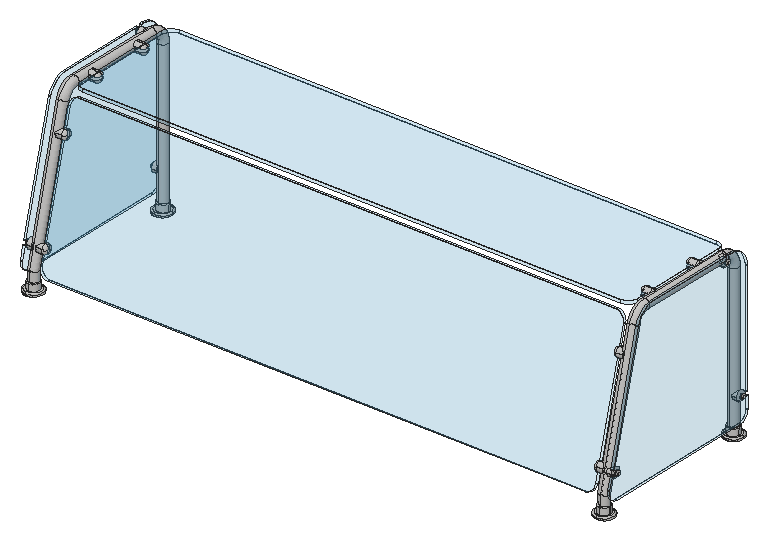
Revit family "QF_ENGLISH_M-112A", category Casework, Revit 2018
Family settings
  Work Plane-Based = No
  Always vertical = Yes
  Cut with Voids When Loaded = No
  Shared = No
  Room Calculation Point = No
Parameters
  Weight in Pounds = 0
  URL Cutsheet = ""
  Type Mark [instance] = ""
  Status [instance] = ""
  Specification by User [instance] = ""
  Specification by Manufacturer = ""
  Show Right Glass [instance] = yes
  Show Right Half Support [instance] = no
  Show Left Half Support [instance] = no
  Show Left Glass [instance] = yes
  Serial Number = ""
  Seismic Rating = ""
  SMACNA No = ""
  Right Glass Symbolic [instance] = if(Show Right Glass, not(Show Right Half Support), Show Right Glass)  # yes
  Revision Code [instance] = ""
  R Symbolic [instance] = and(not(Show Right Glass), not(Show Right Half Support))  # no
  LS Symbolic [instance] = not(Show Left Half Support)  # yes
  Omniclass Number and Title = ""
  NAFEM Spec ID Number = ""
  Model = "M-112A"
  Right Glass [instance] = if(Show Right Glass, not(Show Right Half Support), Show Right Glass)  # yes
  Masterspec = ""
  Manufacturer = "ENGLISH MFG. INC."
  RS Symbolic [instance] = not(Show Right Half Support)  # yes
  Length [instance] = 60"
  Left Glass [instance] = if(Show Left Glass, not(Show Left Half Support), Show Left Glass)  # yes
  L Symbolic [instance] = and(not(Show Left Glass), not(Show Left Half Support))  # no
  Item Number [instance] = ""
  Installed By [instance] = ""
  Identify Quantity as Lot [instance] = yes
  Glass Thickness [instance] = 3/8"  # constant formula
  Glass Material [instance] = Glass
  Furnished By [instance] = ""
  Foodservice Equipment Identifier [instance] = yes
  Description = "MATRIX SERIES"
  Depth [instance] = 17"
  CSI MasterFormat = ""
  CSI Master Format = ""
  Assembly Code = ""
  Angle [instance] = 15.00°
  A [instance] = if(Angle > 90.00°, 15.00°, Angle)  # 15.00°
Reference planes (in)
  plane 1 "BACK": y = 0
  plane 2: z = 0
  plane 3 "LEFT": x = 0
  plane 4 "RIGHT": x = 60
  plane 5 "FRONT": y = -17
  plane 6 "TOP": z = 18
  plane 7 "Center Y": x = 30
  plane 8 "Center X": y = -8.5
  plane 9: y = -11.59375
Forms (in)
  Extrusion 1, solid, material "Glass" <- "Glass Material"
    sketch origin (1.69296, -15.13384, 8.24015) x (0, 0.258819, 0.965926) y (-1, 0, 0)
      loop
        arc (9.02208, -0.07332) -> (8.72922, 0.63371) -> (8.02218, 0.92658) r 0.9999
        line (8.02218, 0.92658) -> (-5.97792, 0.92658)
        arc (-5.97792, 0.92658) -> (-6.68503, 0.63368) -> (-6.97792, -0.07342) r 1
        line (-6.97792, -0.07342) -> (-6.97792, -56.46294)
        arc (-6.97792, -56.46294) -> (-6.68503, -57.17004) -> (-5.97792, -57.46294) r 1
        line (-5.97792, -57.46294) -> (8.02218, -57.46294)
        arc (8.02218, -57.46294) -> (8.72922, -57.17007) -> (9.02208, -56.46304) r 0.9999
        line (9.02208, -56.46304) -> (9.02208, -0.07332)
    from 0 to 0.375 <- "Glass Thickness"
  Extrusion 2, solid, material "Glass" <- "Glass Material"
    sketch origin (0.6276, -16.875, 17.32812) x (1, 0, 0) y (0, 1, 0)
      loop
        line (0.09794, 15.875) -> (0.09794, 5.25)
        arc (0.09794, 5.25) -> (0.39084, 4.5429) -> (1.09794, 4.25) r 1
        line (1.09794, 4.25) -> (57.64685, 4.25)
        arc (57.64685, 4.25) -> (58.35395, 4.5429) -> (58.64685, 5.25) r 1
        line (58.64685, 5.25) -> (58.64685, 15.875)
        arc (58.64685, 15.875) -> (58.35395, 16.58211) -> (57.64685, 16.875) r 1
        line (57.64685, 16.875) -> (1.09794, 16.875)
        arc (1.09794, 16.875) -> (0.39084, 16.58211) -> (0.09794, 15.875) r 1
    from 0 to 0.375 <- "Glass Thickness"
Lines and regions (in)
  symbolic lines, visible <- "Left Glass"
    curve 1: line (-0.50001, -16.5, 0) -> (-0.75, -16.5, 0)
  symbolic lines, style "Casework"
    curve 2: line (59.49992, -1.5, 0) -> (59.49992, -17.00059, 0)
  symbolic lines, style "CaseworkHiddenLines"
    curve 3: line (58.15599, -12.79876, 0) -> (1.76628, -12.79876, 0)
    curve 4: spline (59.15589, -13.05755, 0) -> (59.14734, -13.02377, 0) -> (59.12182, -12.99057, 0) -> (59.07978, -12.95851, 0) -> (59.02193, -12.92815, 0) -> (58.94927, -12.90001, 0) -> (58.86303, -12.87455, 0) -> (58.76469, -12.85223, 0) -> (58.65594, -12.83343, 0) -> (58.53864, -12.81846, 0) -> (58.41479, -12.80757, 0) -> (58.28651, -12.80097, 0) -> (58.15599, -12.79876, 0)
    curve 5: line (59.15589, -17.04326, 0) -> (59.15589, -13.05755, 0)
    curve 6: spline (58.14585, -17.30208, 0) -> (58.27729, -17.30018, 0) -> (58.40663, -17.29383, 0) -> (58.53161, -17.28313, 0) -> (58.65009, -17.26828, 0) -> (58.76, -17.24952, 0) -> (58.85944, -17.2272, 0) -> (58.9467, -17.20168, 0) -> (59.02024, -17.17343, 0) -> (59.07881, -17.14291, 0) -> (59.12139, -17.11067, 0) -> (59.14723, -17.07726, 0) -> (59.15589, -17.04326, 0)
    curve 7: line (1.77642, -17.30208, 0) -> (58.14585, -17.30208, 0)
    curve 8: spline (0.76638, -17.04326, 0) -> (0.77505, -17.07726, 0) -> (0.80089, -17.11067, 0) -> (0.84346, -17.14291, 0) -> (0.90203, -17.17343, 0) -> (0.97558, -17.20168, 0) -> (1.06283, -17.2272, 0) -> (1.16227, -17.24952, 0) -> (1.27218, -17.26828, 0) -> (1.39066, -17.28313, 0) -> (1.51565, -17.29383, 0) -> (1.64498, -17.30018, 0) -> (1.77642, -17.30208, 0)
    curve 9: line (0.76638, -13.05755, 0) -> (0.76638, -17.04326, 0)
    curve 10: spline (1.76628, -12.79876, 0) -> (1.63577, -12.80097, 0) -> (1.50749, -12.80757, 0) -> (1.38364, -12.81846, 0) -> (1.26633, -12.83343, 0) -> (1.15758, -12.85223, 0) -> (1.05924, -12.87455, 0) -> (0.97301, -12.90001, 0) -> (0.90034, -12.92815, 0) -> (0.84249, -12.95851, 0) -> (0.80045, -12.99057, 0) -> (0.77494, -13.02377, 0) -> (0.76638, -13.05755, 0)
    curve 31: line (58.27445, 0, 0) -> (1.72555, 0, 0)
    curve 32: arc (59.27445, -1, 0) -> (58.98156, -0.29289, 0) -> (58.27445, 0, 0) r 1
    curve 33: line (59.27445, -11.625, 0) -> (59.27445, -10.45688, 0)
    curve 34: arc (58.27445, -12.625, 0) -> (58.98156, -12.33211, 0) -> (59.27445, -11.625, 0) r 1
    curve 35: line (1.72555, -12.625, 0) -> (58.27445, -12.625, 0)
    curve 36: arc (0.72555, -11.625, 0) -> (1.01844, -12.33211, 0) -> (1.72555, -12.625, 0) r 1
    curve 37: line (0.72555, -1, 0) -> (0.72555, -3.54312, 0)
    curve 38: arc (1.72555, 0, 0) -> (1.01844, -0.29289, 0) -> (0.72555, -1, 0) r 1
    curve 39: line (0.72555, -4.45688, 0) -> (0.72555, -9.54312, 0)
    curve 40: line (0.72555, -10.375, 0) -> (0.72555, -11.625, 0)
    curve 41: line (59.27445, -3.54312, 0) -> (59.27445, -1, 0)
    curve 42: line (59.27445, -9.5, 0) -> (59.27445, -4.45688, 0)
  symbolic lines
    curve 11: line (0.50008, -13.93706, 0) -> (0.85429, -13.93706, 0)
    curve 12: spline (0.85459, -13.93618, 0) -> (0.89156, -13.93758, 0) -> (0.92768, -13.94004, 0) -> (0.9625, -13.94355, 0) -> (0.99557, -13.94805, 0) -> (1.02647, -13.95349, 0) -> (1.05479, -13.95979, 0) -> (1.08019, -13.96688, 0) -> (1.10233, -13.97467, 0) -> (1.12093, -13.98306, 0) -> (1.13575, -13.99194, 0) -> (1.14661, -14.00119, 0) -> (1.15336, -14.0107, 0)
    curve 13: line (0.50008, -14.37745, 0) -> (0.85429, -14.37745, 0)
    curve 14: line (1.15336, -14.09341, 0) -> (1.15336, -14.0107, 0)
    curve 15: arc (0.85429, -14.37745, 0) -> (1.06052, -14.29512, 0) -> (1.15336, -14.09341, 0) r 0.29947
    curve 16: line (0.50008, -16.52525, 0) -> (0.85429, -16.52525, 0)
    curve 17: spline (0.85459, -16.52438, 0) -> (0.89156, -16.52577, 0) -> (0.92768, -16.52823, 0) -> (0.9625, -16.53174, 0) -> (0.99557, -16.53624, 0) -> (1.02647, -16.54168, 0) -> (1.05479, -16.54798, 0) -> (1.08019, -16.55507, 0) -> (1.10233, -16.56286, 0) -> (1.12093, -16.57125, 0) -> (1.13575, -16.58013, 0) -> (1.14661, -16.58938, 0) -> (1.15336, -16.59889, 0)
    curve 18: line (0.50008, -16.96564, 0) -> (0.85429, -16.96564, 0)
    curve 19: line (1.15336, -16.6816, 0) -> (1.15336, -16.59889, 0)
    curve 20: arc (0.85429, -16.96564, 0) -> (1.06052, -16.88331, 0) -> (1.15336, -16.6816, 0) r 0.29947
    curve 21: line (59.49992, -13.93706, 0) -> (59.14571, -13.93706, 0)
    curve 22: spline (59.14541, -13.93618, 0) -> (59.10844, -13.93758, 0) -> (59.07232, -13.94004, 0) -> (59.0375, -13.94355, 0) -> (59.00443, -13.94805, 0) -> (58.97353, -13.95349, 0) -> (58.94521, -13.95979, 0) -> (58.91981, -13.96688, 0) -> (58.89767, -13.97467, 0) -> (58.87907, -13.98306, 0) -> (58.86425, -13.99194, 0) -> (58.85339, -14.00119, 0) -> (58.84664, -14.0107, 0)
    curve 23: line (59.49992, -14.37745, 0) -> (59.14571, -14.37745, 0)
    curve 24: line (58.84664, -14.09341, 0) -> (58.84664, -14.0107, 0)
    curve 25: arc (59.14571, -14.37745, 0) -> (58.93948, -14.29512, 0) -> (58.84664, -14.09341, 0) r 0.29947
    curve 26: line (59.49992, -16.52525, 0) -> (59.14571, -16.52525, 0)
    curve 27: spline (59.14541, -16.52438, 0) -> (59.10844, -16.52577, 0) -> (59.07232, -16.52823, 0) -> (59.0375, -16.53174, 0) -> (59.00443, -16.53624, 0) -> (58.97353, -16.54168, 0) -> (58.94521, -16.54798, 0) -> (58.91981, -16.55507, 0) -> (58.89767, -16.56286, 0) -> (58.87907, -16.57125, 0) -> (58.86425, -16.58013, 0) -> (58.85339, -16.58938, 0) -> (58.84664, -16.59889, 0)
    curve 28: line (59.49992, -16.96564, 0) -> (59.14571, -16.96564, 0)
    curve 29: line (58.84664, -16.6816, 0) -> (58.84664, -16.59889, 0)
    curve 30: arc (59.14571, -16.96564, 0) -> (58.93948, -16.88331, 0) -> (58.84664, -16.6816, 0) r 0.29947
Dimensions and locks (in)
  equal spacing: plane 3 "LEFT", plane 7 "Center Y", plane 4 "RIGHT"
  "Length": plane 3 "LEFT" to plane 4 "RIGHT"
  equal spacing: plane 5 "FRONT", plane 8 "Center X", plane 1 "BACK"
  plane 5 "FRONT" to plane 1 "BACK" = 17"
  plane 6 "TOP" to level = 18"  (x2)
  plane 3 "LEFT" to Extrusion 1 sketch curve to Extrusion 1 sketch curve = 0.76638" locked, 0.9999" locked
  plane 4 "RIGHT" to Extrusion 1 sketch curve to Extrusion 1 sketch curve = 0.84411" locked, 0.9999" locked
  plane 7 "Center Y" to plane 3 "LEFT" = 30"
  locked: Extrusion 2 sketch curve to plane 3 "LEFT" at 1.72555
  locked: Extrusion 2 sketch curve to plane 4 "RIGHT" at 1.72555
  locked: plane 5 "FRONT" to plane 9 at 5.40625
  aligned and locked: level to plane 2
  aligned: plane 1 "BACK" to nested 1  (x5)
  aligned: plane 8 "Center X" to nested 1  (x2)
  aligned: plane 5 "FRONT" to nested 1  (x2)
  aligned and locked: plane 1 "BACK" to nested 1
  aligned and locked: nested 2 to plane 4 "RIGHT"
  aligned and locked: nested 2 to plane 1 "BACK"
  aligned and locked: curve 31 to Extrusion 2
  aligned and locked: curve 33 to Extrusion 2
  aligned and locked: curve 35 to Extrusion 2
  aligned and locked: curve 37 to Extrusion 2
Automatic sketch dimensions
  plane 3 "LEFT" to Extrusion 1 sketch curve = 1.76638"
  Extrusion 1 sketch curve to Extrusion 1 sketch curve = 14.0001"
  Extrusion 1 sketch curve to Extrusion 1 sketch curve = 1"
  nested 1 to Extrusion 2 sketch curve = 0.09794"
  nested 1 to Extrusion 2 sketch curve = 0.22555"
  nested 1 to Extrusion 2 sketch curve = 8.15547"
  Extrusion 2 sketch curve to Extrusion 2 sketch curve = 0"
  Extrusion 2 sketch curve to Extrusion 2 sketch curve = 1"
  nested 1 to Extrusion 2 sketch curve = 2.53047"
  curve 40 to plane 9 = 1/32"
  plane 3 "LEFT" to curve 40 = 0.72555"
  plane 5 "FRONT" to curve 9 = 0.04326"
  plane 3 "LEFT" to curve 9 = 0.76638"
  curve 18 to plane 5 "FRONT" = 0.03436"
  curve 8 to curve 18 = 0.08791"
  plane 3 "LEFT" to curve 15 = 0.85429"
  curve 20 to curve 19 = 0.29907"
  curve 15 to curve 14 = 0.29907"
  curve 38 to curve 38 = 1"
  curve 36 to curve 3 = 0.04073"
  plane 5 "FRONT" to curve 7 = 0.30208"
  curve 20 to curve 7 = 0.62306"
  plane 4 "RIGHT" to curve 7 = 1.85415"
  curve 3 to curve 34 = 1.11846"
  plane 4 "RIGHT" to curve 31 = 1.72555"
  curve 4 to curve 35 = 0.11846"
  plane 4 "RIGHT" to curve 24 = 1.15336"
  curve 29 to plane 5 "FRONT" = 0.3184"
  curve 7 to curve 29 = 0.70078"
  curve 24 to curve 23 = 0.29907"
  curve 30 to curve 30 = 0.29907"
  plane 4 "RIGHT" to curve 5 = 0.84411"
  plane 4 "RIGHT" to curve 41 = 0.72555"
  plane 5 "FRONT" to curve 5 = 0.04326"
  curve 28 to plane 5 "FRONT" = 0.03436"
  curve 19 to plane 5 "FRONT" = 0.3184"
  curve 29 to curve 29 = 0.08271"
  curve 20 to curve 19 = 0.08271"
  curve 23 to curve 34 = 1.75245"
  curve 13 to curve 36 = 1.75245"
  curve 23 to curve 24 = 0.28404"
  curve 13 to curve 14 = 0.28404"
  curve 24 to curve 24 = 0.08271"
  curve 15 to curve 14 = 0.08271"
  curve 15 to curve 9 = 1.02043"
  curve 5 to curve 35 = 0.43255"
  curve 3 to curve 36 = 0.17376"
  curve 11 to curve 15 = 0.35421"
  curve 18 to curve 9 = 0.2663"
  curve 16 to curve 20 = 0.35421"
  curve 13 to curve 15 = 0.35421"
  curve 1 to plane 3 "LEFT" = 1/2"
  curve 1 to curve 1 = 1/4"
  plane 3 "LEFT" to curve 39 = 0.72555"
  curve 17 to curve 20 = 0.02879"
  curve 12 to curve 15 = 0.02879"
  curve 17 to curve 16 = 0.02879"
  curve 12 to curve 11 = 0.02879"
  curve 11 to curve 12 = 0.0003"
  curve 16 to curve 17 = 0.0003"
  curve 14 to curve 12 = 0.00259"
  curve 17 to curve 17 = 0.00259"
  curve 8 to curve 7 = 0.00999"
  curve 6 to curve 7 = 0.99006"
  curve 22 to curve 22 = 0.00259"
  curve 27 to curve 29 = 0.00259"
  curve 22 to curve 25 = 0.0003"
  curve 27 to curve 30 = 0.0003"
  curve 22 to curve 21 = 0.0003"
  curve 27 to curve 26 = 0.0003"
  curve 25 to curve 22 = 0.02879"
  curve 30 to curve 27 = 0.02879"
  plane 4 "RIGHT" to curve 42 = 0.72555"
  curve 27 to curve 26 = 0.32542"
  plane 5 "FRONT" to curve 2 = 0.00059"
  curve 27 to curve 29 = 0.01068"
  curve 17 to curve 17 = 0.01068"
  curve 17 to curve 16 = 0.08432"
  curve 27 to curve 26 = 0.08432"
  curve 1 to plane 5 "FRONT" = 1/2"
  curve 22 to curve 22 = 0.01068"
  curve 15 to curve 12 = 0.0566"
  curve 12 to curve 11 = 0.08432"
  curve 22 to curve 21 = 0.08432"
  plane 9 to curve 33 = 1.13687"
  plane 9 to curve 40 = 1 7/32"
  curve 40 to curve 39 = 0.83188"
  curve 33 to curve 42 = 0.95688"
  curve 39 to curve 37 = 3.45688"
  curve 42 to curve 32 = 3.45688"
  curve 39 to curve 37 = 0.91376"
  curve 42 to curve 41 = 0.91376"
  curve 2 to curve 32 = 1/2"
Nested families (in)
  nested 1: "M-112A_SUPPORT" at (0, 0, 0), Depth <- "Depth", Show Side Glass <- "Left Glass", Rear Support <- "LS Symbolic", Middle Support <- "Show Left Half Support", type "M-112A_SUPPORT"
    with Void 3/8", Show Side Glass yes, Show Self Service no, Show Full Service yes, Rear Void 1", Rear Support yes, Middle Support no, Glass Thickness 3/8", Glass Material Glass, Depth 17"
  nested 2: "M-112A_SUPPORT" at (60, 0, 0) x (-1, 0, 0) z (0, 0, 1), Depth <- "Depth", Show Side Glass <- "Right Glass", Middle Support <- "Show Right Half Support", Rear Support <- "RS Symbolic", type "M-112A_SUPPORT"
    with Void 3/8", Show Side Glass yes, Show Self Service no, Show Full Service yes, Rear Void 1", Rear Support yes, Middle Support no, Glass Thickness 3/8", Glass Material Glass, Depth 17"
Definition of nested family "M-112A_SUPPORT"
  Parameters (values of type "M-112A_SUPPORT")
    Void [instance] = if(Show Self Service, -3/8", 3/8")  # 3/8"
    Show Self Service [instance] = no
    Show Side Glass [instance] = yes
    Show Full Service [instance] = not(Show Self Service)  # yes
    Rear Void [instance] = if(Middle Support, 4", 1")  # 1"
    Rear Support [instance] = yes
    Model = ""
    Middle Support [instance] = no
    Manufacturer = ""
    Glass Thickness [instance] = 3/8"
    Glass Material [instance] = none
    Description = ""
    Depth [instance] = 17"
    Assembly Code = ""
  Reference planes (in)
    plane 1 "BACK": y = 0
    plane 2: z = 0
    plane 3 "LEFT": x = 0
    plane 4 "RIGHT": x = 0
    plane 5 "FRONT": y = -17
    plane 6 "TOP": z = 18
    plane 7 "Center Y": x = 0
    plane 8 "Center X": y = -8.5
    plane 9: y = 1
    plane 10: y = -1.5
    plane 11: x = -2
    plane 12: through (-240, -12.89372, 17.32486) normal (0, -0.9659, 0.2588)
    plane 13: y = -10
    plane 14: y = -4
  Forms (in)
    Revolve 1, solid, visible <- "Rear Support"
      sketch origin (0, 0, 0) x (-1, 0, 0) y (0, 0, -1)
        loop
          line (0, 0) -> (-1, 0) -> (-1, -0.125)
          arc (-1, -0.125) -> (-0.96328, -0.21339) -> (-0.87489, -0.25) r 0.125
          line (-0.87489, -0.25) -> (-0.5975, -0.25) -> (-0.5975, -0.9375)
          arc (-0.5975, -0.9375) -> (-0.57913, -0.98169) -> (-0.53494, -1) r 0.0625
          line (-0.53494, -1) -> (0, -1) -> (0, 0)
        axis (0, -1) -> (0, 0)
      angle from 0 to 360
    Revolve 2, solid
      sketch origin (0, 0, 0) x (0, -1, 0) y (0, 0, -1)
        loop
          line (17, 0) -> (16, 0) -> (16, -0.125)
          arc (16, -0.125) -> (16.03672, -0.21339) -> (16.12511, -0.25) r 0.125
          line (16.12511, -0.25) -> (16.4025, -0.25) -> (16.4025, -0.9375)
          arc (16.4025, -0.9375) -> (16.42087, -0.98169) -> (16.46506, -1) r 0.0625
          line (16.46506, -1) -> (17, -1) -> (17, 0)
        axis (17, -1) -> (17, 0)
      angle from 0 to 360
    Extrusion 3, solid, material <- "Glass Material", visible <- "Show Side Glass"
      sketch origin (-0.75, 0, 0) x (0, 1, 0) y (0, 0, -1)
        loop
          arc (-16.49403, -1.43941) -> (-17.28739, -1.83065) -> (-17.45996, -2.69823) r 1
          line (-17.45996, -2.69823) -> (-17.11633, -3.98065) -> (-16.51263, -3.81889)
          arc (-16.51263, -3.81889) -> (-16.28299, -3.95147) -> (-16.41557, -4.18111) r 0.1875
          line (-16.41557, -4.18111) -> (-17.01928, -4.34287) -> (-13.74839, -16.54999)
          arc (-13.74839, -16.54999) -> (-12.98942, -17.68588) -> (-11.6958, -18.125) r 2.125
          line (-11.6958, -18.125) -> (-2.1875, -18.125) -> (-2.1875, -17.5)
          arc (-2.1875, -17.5) -> (-2, -17.3125) -> (-1.8125, -17.5) r 0.1875
          line (-1.8125, -17.5) -> (-1.8125, -18.125) -> (-1.49899, -18.125)
          arc (-1.49899, -18.125) -> (0.00361, -17.5026) -> (0.62601, -16) r 2.125
          line (0.62601, -16) -> (0.62601, -4.18751) -> (0, -4.18751)
          arc (0, -4.18751) -> (-0.1875, -4.00001) -> (0, -3.81251) r 0.1875
          line (0, -3.81251) -> (0.68851, -3.81251) -> (0.68851, -2.43941)
          arc (0.68851, -2.43941) -> (0.39562, -1.7323) -> (-0.31149, -1.43941) r 1
          line (-0.31149, -1.43941) -> (-16.49403, -1.43941)
      from 0 to 0.25
    Extrusion 4, void
      sketch origin (0, -7.53419, 22) x (0, 0, -1) y (1, 0, 0)
        loop
          line (4.29687, 0.6276) -> (4.67187, 0.6276) -> (4.67187, 1.70245) -> (4.29687, 1.70245) -> (4.29687, 0.6276)
      from -8.53419 to 9.46581
    Extrusion 5, void
      sketch origin (-2, -180, 22) x (0, 0, 1) y (0, -1, 0)
        loop
          line (-4, -178.5) -> (-22, -178.5) -> (-22, -181) -> (-4, -181) -> (-4, -178.5)
      from 0 to 1 <- "Rear Void"
    Sweep 6, solid
      path origin (0, 0, 0) x (0, 1, 0) y (0, 0, 1)
        loop
          line (0, 1) -> (0, 16)
          arc (0, 16) -> (-0.43934, 17.06066) -> (-1.5, 17.5) r 1.5
          line (-1.5, 17.5) -> (-11.6958, 17.5)
          arc (-11.6958, 17.5) -> (-12.60894, 17.19003) -> (-13.14469, 16.38823) r 1.5
          line (-13.14469, 16.38823) -> (-17, 2) -> (-17, 0)
      profile origin (0, 0, 8.5) x (0, -1, 0) y (1, 0, 0)
        loop
          circle (0, 0) r 0.5
    Revolve 7, solid
      sketch origin (0, -10, 22) x (0, 0, 1) y (1, 0, 0)
        loop
          line (-4.5, 0.3291) -> (-4.5, 1.47555) -> (-4.72819, 1.47555)
          arc (-4.72819, 1.47555) -> (-4.92039, 1.39594) -> (-5, 1.20374) r 0.27181
          line (-5, 1.20374) -> (-5, 0.47555) -> (-4.85355, 0.3291) -> (-4.5, 0.3291)
        axis (-4.5, 0.3291) -> (-4.5, 1.47555)
      angle from 0 to 360
    Revolve 8, solid
      sketch origin (0, -4, 22) x (0, 0, 1) y (1, 0, 0)
        loop
          line (-4.5, 0.30668) -> (-4.5, 1.5) -> (-4.72819, 1.5)
          arc (-4.72819, 1.5) -> (-4.92039, 1.42039) -> (-5, 1.22819) r 0.27181
          line (-5, 1.22819) -> (-5, 0.45313) -> (-4.85355, 0.30668) -> (-4.5, 0.30668)
        axis (-4.5, 1.5) -> (-4.5, 0.30668)
      angle from 0 to 360
  Cuts and joins
    Extrusion 4 cuts Revolve 7
    Extrusion 4 cuts Revolve 8
    Extrusion 5 cuts Sweep 6
  Dimensions and locks (in)
    plane 3 "LEFT" to plane 4 "RIGHT" to plane 7 "Center Y" = 0", 0"
    plane 3 "LEFT" to plane 4 "RIGHT" = 0"
    equal spacing: plane 5 "FRONT", plane 8 "Center X", plane 1 "BACK"
    "Depth": plane 5 "FRONT" to plane 1 "BACK"
    plane 6 "TOP" to level = 18"  (x2)
    plane 5 "FRONT" to Extrusion 3 sketch curve = 15"
    locked: plane 6 "TOP" to Extrusion 4 sketch curve at 0.29688
    "Glass Thickness": Extrusion 4 sketch curve to Extrusion 4 sketch curve
    plane 1 "BACK" to plane 9 = 1"
    locked: plane 7 "Center Y" to plane 11 at 2
    plane 5 "FRONT" to plane 13 to plane 14 to plane 10 = 7" locked, 6" locked, 2 1/2" locked
    Sweep 6 sketch curve to plane 1 "BACK" = 1 1/2"
    locked: plane 5 "FRONT" to Extrusion 3 sketch curve at 0.50597
    locked: plane 5 "FRONT" to Extrusion 3 sketch curve at 5.3042
    locked: nested 3 to plane 5 "FRONT" at 0.5359
    aligned and locked: level to plane 2
    aligned and locked: plane 5 "FRONT" to Extrusion 4
    aligned and locked: Extrusion 5 sketch curve to plane 10
    aligned and locked: Extrusion 5 sketch curve to plane 6 "TOP"
    aligned and locked: plane 9 to Extrusion 5 sketch curve
    aligned and locked: level to Extrusion 5 sketch curve
    aligned and locked: Extrusion 4 to plane 9
    aligned and locked: plane 13 to cut or joined group of Extrusion 4, Revolve 7
    aligned and locked: plane 14 to cut or joined group of Extrusion 4, Revolve 8
    aligned and locked: nested 4 to plane 1 "BACK"
  Automatic sketch dimensions
    Revolve 1 sketch curve to level = 0"
    Revolve 1 sketch curve to plane 3 "LEFT" = 0"  (x2)
    plane 3 "LEFT" to Revolve 1 sketch curve = 0.53494"
    Revolve 1 sketch curve to Revolve 1 sketch curve = 1/16"
    Revolve 1 sketch curve to Revolve 1 sketch curve = 0.00006"
    Revolve 1 sketch curve to Revolve 1 sketch curve = 0.27739"
    Revolve 1 sketch curve to Revolve 1 sketch curve = 1/8"
    Revolve 1 sketch curve to Revolve 1 sketch curve = 0.00011"
    level to Revolve 1 sketch curve = 1/8"
    Revolve 1 sketch curve to Revolve 1 sketch curve = 0"  (x3)
    Revolve 1 sketch curve to Revolve 1 sketch curve = 11/16"
    Revolve 1 sketch curve to Revolve 1 sketch curve = 1/4"
    Revolve 2 sketch curve to level = 0"
    Revolve 2 sketch curve to plane 5 "FRONT" = 0"  (x2)
    Revolve 2 sketch curve to Revolve 2 sketch curve = 0.53494"
    Revolve 2 sketch curve to Revolve 2 sketch curve = 1/16"
    Revolve 2 sketch curve to Revolve 2 sketch curve = 0.00006"
    Revolve 2 sketch curve to Revolve 2 sketch curve = 0.27739"
    Revolve 2 sketch curve to Revolve 2 sketch curve = 1/8"
    Revolve 2 sketch curve to Revolve 2 sketch curve = 0.00011"
    level to Revolve 2 sketch curve = 1/8"
    Revolve 2 sketch curve to Revolve 2 sketch curve = 0"  (x3)
    Revolve 2 sketch curve to Revolve 2 sketch curve = 11/16"
    Revolve 2 sketch curve to Revolve 2 sketch curve = 1/4"
    Sweep 6 sketch curve to profile plane = 0"  (x2)
    plane 3 "LEFT" to Revolve 7 sketch curve = 0.47555"
    Revolve 7 sketch curve to plane 6 "TOP" = 1"
    Revolve 7 sketch curve to Revolve 7 sketch curve = 0.14645"  (x2)
    Revolve 7 sketch curve to Revolve 7 sketch curve = 0.27181"
    Revolve 7 sketch curve to Revolve 7 sketch curve = 0.35355"
    Revolve 7 sketch curve to Revolve 7 sketch curve = 0"
    Revolve 7 sketch curve to Revolve 7 sketch curve = 0.31238"
    Revolve 7 sketch curve to Revolve 7 sketch curve = 0.56225"
    Revolve 7 sketch curve to Revolve 7 sketch curve = 0.2599"
    plane 3 "LEFT" to Revolve 8 sketch curve = 29/64"
    Revolve 8 sketch curve to plane 6 "TOP" = 1"
    Revolve 8 sketch curve to Revolve 8 sketch curve = 0.14645"  (x2)
    Revolve 8 sketch curve to Revolve 8 sketch curve = 0.27181"
    Revolve 8 sketch curve to Revolve 8 sketch curve = 0.35355"
    Revolve 8 sketch curve to plane 6 "TOP" = 1/2"
    Revolve 8 sketch curve to Revolve 8 sketch curve = 0.77506"
    Revolve 8 sketch curve to Revolve 8 sketch curve = 34.21566"
    Revolve 8 sketch curve to Revolve 8 sketch curve = 1.09396"
    Sweep 6 sketch curve to plane 5 "FRONT" = 0"
    Sweep 6 sketch curve to plane 1 "BACK" = 0"
    Sweep 6 sketch curve to level = 0"
    Sweep 6 sketch curve to plane 5 "FRONT" = 3.85531"
    Sweep 6 sketch curve to plane 6 "TOP" = 1/2"
    level to Sweep 6 sketch curve = 2"
    Sweep 6 sketch curve to Sweep 6 sketch curve = 0.38823"
    level to Sweep 6 sketch curve = 1"
    Sweep 6 sketch curve to Sweep 6 sketch curve = 1.44889"
    Extrusion 3 sketch curve to plane 12 = 0"  (x3)
    Extrusion 3 sketch curve to plane 5 "FRONT" = 0.48737"
    plane 5 "FRONT" to Extrusion 3 sketch curve = 0.45996"
    Extrusion 3 sketch curve to Extrusion 3 sketch curve = 0.04853"
    Extrusion 3 sketch curve to plane 6 "TOP" = 1.45001"
    plane 6 "TOP" to Extrusion 3 sketch curve = 1/8"  (x2)
    Extrusion 3 sketch curve to Extrusion 3 sketch curve = 3/16"  (x2)
    Extrusion 3 sketch curve to plane 10 = 0.00101"
    plane 1 "BACK" to Extrusion 3 sketch curve = 0.31149"
    plane 1 "BACK" to Extrusion 3 sketch curve = 0"
    plane 9 to Extrusion 3 sketch curve = 0.37399"
    plane 9 to Extrusion 3 sketch curve = 0.31149"
    Extrusion 3 sketch curve to plane 6 "TOP" = 1/2"
    Extrusion 3 sketch curve to Extrusion 3 sketch curve = 0.34287"
    level to Extrusion 3 sketch curve = 4 3/16"
    Extrusion 3 sketch curve to Extrusion 3 sketch curve = 0.25882"
    plane 5 "FRONT" to Extrusion 3 sketch curve = 0.01928"
    plane 5 "FRONT" to Extrusion 3 sketch curve = 0.11633"
    Extrusion 3 sketch curve to Extrusion 3 sketch curve = 0.36222"
    plane 3 "LEFT" to Extrusion 4 sketch curve = 0.6276"
    Extrusion 4 sketch curve to Extrusion 4 sketch curve = 1.07485"
    radius of Sweep 6 sketch curve = 1/2"
  Nested families (in)
    nested 1: "M-106" at (0.02929, -19.96749, 4), type "M-106"
      with Type Mark "", Status "", Specification by User "", Revision Code "", Item Number "", Installed By "", Identify Quantity as Lot yes, H 13 1/4", Glass Thickness 3/8", Furnished By "", Foodservice Equipment Identifier yes, Angle 15.00°
    nested 2: "M-106" at (0.02929, -17.3793, 13.65926), type "M-106"
      with Type Mark "", Status "", Specification by User "", Revision Code "", Item Number "", Installed By "", Identify Quantity as Lot yes, H 13 1/4", Glass Thickness 3/8", Furnished By "", Foodservice Equipment Identifier yes, Angle 15.00°
    nested 3: "Glass Clip" at (0, -16.4641, 4) x (-1, 0, 0) z (0, 0, 1), visible <- "Show Side Glass", type "Glass Clip"
    nested 4: "Glass Clip" at (0, 0, 4) x (-1, 0, 0) z (0, 0, 1), visible <- "Show Side Glass", type "Glass Clip"
    nested 5: "Glass Clip" at (0, -2, 17.5) x (-1, 0, 0) z (0, 0, 1), visible <- "Show Side Glass", type "Glass Clip"
  Definition of nested family "M-106"
    Parameters (values of type "M-106")
      Weight in Pounds = 0
      URL Cutsheet = ""
      Type Mark [instance] = ""
      Status [instance] = ""
      Specification by User [instance] = ""
      Specification by Manufacturer = ""
      Serial Number = ""
      Seismic Rating = ""
      SMACNA No = ""
      Revision Code [instance] = ""
      Omniclass Number and Title = ""
      NAFEM Spec ID Number = ""
      Masterspec = ""
      Item Number [instance] = ""
      Installed By [instance] = ""
      Identify Quantity as Lot [instance] = yes
      H [instance] = 13 1/4"
      Glass Thickness [instance] = 3/8"
      Furnished By [instance] = ""
      Foodservice Equipment Identifier [instance] = yes
      CSI MasterFormat = ""
      CSI Master Format = ""
      Assembly Code = ""
      Angle [instance] = 0.00°
    Reference planes (in)
      plane 1 "BACK": y = 0
      plane 2: z = 0
      plane 3 "LEFT": x = -0.01953
      plane 4 "RIGHT": x = 1.125
      plane 5 "FRONT": y = -1
      plane 6 "TOP": z = 16.5
      plane 7 "Center Y": x = 0.55273
      plane 8 "Center X": y = -0.5
      plane 9: y = 0
      plane 10: y = -1
      plane 11: x = -0.35356
    Forms (in)
      Extrusion 1, void
        sketch origin (0.55273, -0.5, 0) x (0, 0, 1) y (0, 1, 0)
          loop
            line (1.07736, -0.1875) -> (1.07736, 0.1875) -> (-16.60314, 0.1875) -> (-16.60314, -0.1875) -> (1.07736, -0.1875)
        from -0.57227 to 0.19336
      Revolve 2, solid
        sketch origin (0.55273, -0.5, 0) x (1, 0, 0) y (0, 1, 0)
          loop
            arc (0.27227, -0.5) -> (0.4844, -0.41213) -> (0.57227, -0.2) r 0.3
            line (0.57227, -0.2) -> (0.57227, 0) -> (-0.57227, 0) -> (-0.57227, -0.35547) -> (-0.42773, -0.5) -> (0.27227, -0.5)
          axis (-0.57227, 0) -> (0.57227, 0)
        angle from 0 to 360
    Cuts and joins
      Extrusion 1 cuts Revolve 2
    Lines and regions (in)
      reference lines
        curve 1: line (0.55273, -0.5, 0) -> (0.55273, -0.5, -15.46791)
    Dimensions and locks (in)
      equal spacing: plane 3 "LEFT", plane 7 "Center Y", plane 4 "RIGHT"
      plane 3 "LEFT" to plane 4 "RIGHT" = 1 37/256"  (x2)
      equal spacing: plane 5 "FRONT", plane 8 "Center X", plane 1 "BACK"
      plane 5 "FRONT" to plane 1 "BACK" = 1"
      "Glass Thickness": Extrusion 1 sketch curve to Extrusion 1 sketch curve
      locked: Extrusion 1 sketch curve to curve 1 at 1.13523
      locked: Extrusion 1 sketch curve to curve 1 at 1.07736
      "Angle": angle curve 1 to plane 8 "Center X"
      aligned and locked: level to plane 2
      aligned: Extrusion 1 to level
      aligned and locked: plane 2 to curve 1
    Automatic sketch dimensions
      Revolve 2 sketch curve to plane 3 "LEFT" = 0"  (x2)
      plane 5 "FRONT" to Revolve 2 sketch curve = 0"
      Revolve 2 sketch curve to plane 4 "RIGHT" = 0"
      Revolve 2 sketch curve to plane 5 "FRONT" = 37/256"
      Revolve 2 sketch curve to Revolve 2 sketch curve = 37/256"
      Revolve 2 sketch curve to plane 8 "Center X" = 0.2"
      plane 8 "Center X" to Revolve 2 sketch curve = 0"  (x2)
      Revolve 2 sketch curve to Revolve 2 sketch curve = 0.20247"
      Extrusion 1 sketch curve to curve 1 = 3/16"
      curve 1 to plane 8 "Center X" = 0"
  Definition of nested family "Glass Clip"
    Reference planes (in)
      plane 1 "Center X": y = 0
      plane 2: z = 0
      plane 3 "Center Y": x = 0
    Forms (in)
      Extrusion 1, solid
        sketch origin (0, 0, 0) x (0, 1, 0) y (0, 0, 1)
          loop
            circle (0, 0) r 0.5
        from 0.75 to 0.25
      Extrusion 2, solid
        sketch origin (0, 0, 0) x (0, 1, 0) y (0, 0, 1)
          loop
            circle (0, 0) r 0.1875
        from 1 to 0.75
      Revolve 3, solid
        sketch origin (0, 0, 0) x (1, 0, 0) y (0, 0, 1)
          loop
            line (1.09375, 0) -> (1.09375, -0.09375) -> (1.125, -0.09375)
            arc (1.125, -0.09375) -> (1.16919, -0.07544) -> (1.1875, -0.03125) r 0.0625
            line (1.1875, -0.03125) -> (1.1875, 0) -> (1.09375, 0)
          axis (1.09375, 0) -> (1.1875, 0)
        angle from 0 to 360
      Extrusion 4, solid
        sketch origin (0, 0, 0) x (0, 1, 0) y (0, 0, 1)
          loop
            circle (0, 0) r 0.25
        from 1 to 1.03125
      Extrusion 5, solid
        sketch origin (0, 0, 0) x (0, 1, 0) y (0, 0, 1)
          loop
            line (0, 0.10983) -> (-0.09512, 0.05492) -> (-0.09512, -0.05492) -> (0, -0.10983) -> (0.09512, -0.05492) -> (0.09512, 0.05492) -> (0, 0.10983)
        from 1.03125 to 1.09375
    Lines and regions (in)
      symbolic lines
        curve 1: line (0, 0.02729, 0) -> (0, -0.0422, 0)
    Dimensions and locks (in)
      aligned and locked: level to plane 2
